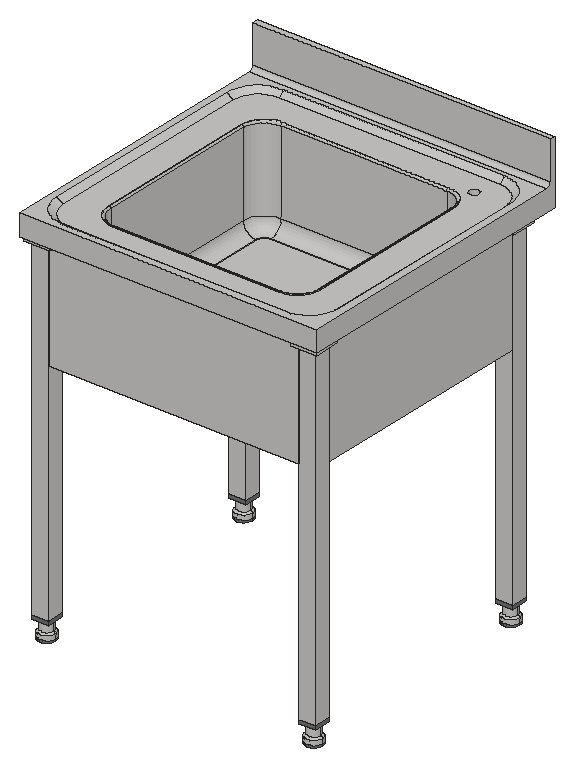
Revit family "QF_ELECTROLUXPROFESSIONAL_132894_SL07N", category Attrezzature speciali, Revit 2020
Family settings
  Quota connettore circolare = Usa diametro
  Tipo di parte = Normale
  Basato su piano di lavoro = No
  Sempre verticale = Sì
  Taglio con vuoti quando caricato = No
  Condiviso = No
  Punto di calcolo locali = No
Parameters (values of type "Standard")
  Weight = 20.00 kg
  Watts = 0 W
  Volts = 0 V
  URL Manufacturer = "https://www.electroluxprofessional.com/"
  URL = "https://www.electroluxprofessional.com/"
  Steam Supply Size = 0 mm
  Steam Supply Minimum Pressure = 0.0 Pa
  Steam Supply Maximum Pressure = 0.0 Pa
  Steam Consumption per Hour = 0
  Refrigeration Suction Line Size = 0.0 mm
  Refrigeration Liquid Line Size = 0.0 mm
  Refrigerant Compressor Remote = yes
  Prospetto di default = 0.0 mm
  Phase = 0
  Modello = "SL07N"
  Produttore = "Electrolux Professional"
  Length Actual = 700.0 mm  # constant formula
  Item Number = "132894"
  Hot Water Size = 0 mm
  Height Actual = 900.0 mm  # constant formula
  HP = "0 HP"
  Gas Size = 0 mm
  Gas KW = 0
  Gas Input Pressure = 0 W
  Direct Waste Size = 139.7 mm
  Descrizione = "SINK UNIT 1 BOWL 700MM"
  Depth Actual = 700.0 mm  # constant formula
  Cycle = 0 Hz
  Condensate Return Size = 0 mm
  Compressed Air Volume = 0.0 L/s
  Compressed Air Size = 0 mm
  Compressed Air Pressure = 0.0 Pa
  Cold Water Size = 0 mm
  Accessory = yes
Reference planes
  plane 1 "Center (Front/Back)": y = 0
  plane 2: z = 0
  plane 3 "Center (Left/Right)": x = 150
  plane 4 "LEFT": x = -200
  plane 5 "RIGHT": x = 500
  plane 6 "BACK": y = 350
  plane 7 "FRONT": y = -350
  plane 8 "Base": z = 850
  plane 9 "TOP": z = 900
  plane 10 "Sink_Base": z = 658
  plane 11 "ScaricoX": x = 320
  plane 12 "ScaricoY": y = 151
  plane 13: z = 441
  plane 14: x = 395
  plane 15: y = 245
Forms (mm)
  Extrusion 1, solid, material "QF_Finishes_Stainless Steel"
    sketch origin (150, 0, 0) x (0, 1, 0) y (0, 0, 1)
      loop
        line (-350, 850) -> (350, 850) -> (350, 1000) -> (337, 1000) -> (337, 910)
        arc (337, 910) -> (334.071, 902.929) -> (327, 900) r 10
        line (327, 900) -> (-350, 900) -> (-350, 850)
    from 350 to -350
  Extrusion 2, void
    sketch origin (0, 0, 900) x (0, 1, 0) y (-1, 0, 0)
      loop
        arc (-214, 100) -> (-252.891, 83.891) -> (-269, 45) r 55
        line (-269, 45) -> (-269, -345)
        arc (-269, -345) -> (-252.874, -383.908) -> (-213.951, -400) r 55
        line (-213.951, -400) -> (176.049, -400)
        arc (176.049, -400) -> (214.908, -383.874) -> (231, -345) r 55
        line (231, -345) -> (231, 45)
        arc (231, 45) -> (214.891, 83.891) -> (176, 100) r 55
        line (176, 100) -> (-214, 100)
    from 0 to -50
  Sweep 3, solid, material "QF_Finishes_Stainless Steel"
    path origin (0, 0, 900) x (0, 1, 0) y (-1, 0, 0)
      loop
        line (176, 100) -> (-214, 100)
        arc (-214, 100) -> (-252.891, 83.891) -> (-269, 45) r 55
        line (-269, 45) -> (-269, -345)
        arc (-269, -345) -> (-252.874, -383.908) -> (-213.951, -400) r 55
        line (-213.951, -400) -> (176.049, -400)
        arc (176.049, -400) -> (214.908, -383.874) -> (231, -345) r 55
        line (231, -345) -> (231, 45)
        arc (231, 45) -> (214.891, 83.891) -> (176, 100) r 55
    profile origin (-100, -19, 900) x (1, 0, 0) y (0, 0, 1)
      loop
        arc (5, -15) -> (3.536, -11.464) -> (0, -10) r 5
        line (0, -10) -> (0, -11.5)
        arc (0, -11.5) -> (2.475, -12.525) -> (3.5, -15) r 3.5
        line (3.5, -15) -> (3.5, -210.5)
        arc (3.5, -210.5) -> (12.726, -232.774) -> (35, -242) r 31.5
        line (35, -242) -> (35, -240.5)
        arc (35, -240.5) -> (13.787, -231.713) -> (5, -210.5) r 30
        line (5, -210.5) -> (5, -15)
  Extrusion 4, solid, material "QF_Finishes_Stainless Steel"
    sketch origin (0, 0, 658) x (0, -1, 0) y (1, 0, 0)
      loop
        arc (-196, -45) -> (-190.142, -59.142) -> (-176, -65) r 20
        line (-176, -65) -> (214, -65)
        arc (214, -65) -> (228.142, -59.142) -> (234, -45) r 20
        line (234, -45) -> (234, 345)
        arc (234, 345) -> (228.132, 359.153) -> (213.97, 365) r 20
        line (213.97, 365) -> (-176.03, 365)
        arc (-176.03, 365) -> (-190.153, 359.132) -> (-196, 345) r 20
        line (-196, 345) -> (-196, -45)
    from 0 to 1.5
  Extrusion 5, void
    sketch origin (0, 0, 658) x (0, -1, 0) y (1, 0, 0)
      loop
        circle (-151, 320) r 28
    from 32.343 to -63.145
  Revolve 6, solid, material "QF_Finishes_White"
    sketch origin (320, 0, 0) x (0, -1, 0) y (0, 0, 1)
      loop
        line (-167.5, 642.617) -> (-167.5, 628.5) -> (-166, 628.5) -> (-166, 643.449) -> (-177.558, 650.671) -> (-177.558, 658) -> (-179.058, 658) -> (-179.058, 649.84) -> (-167.5, 642.617)
      axis (-151, 658) -> (-151, 628.5)
    angle from 0 to 360
  Extrusion 7, void
    sketch origin (0, 0, 658) x (0, -1, 0) y (1, 0, 0)
      loop
        circle (-245, 395) r 11.5
    from 242 to 170.245
  Blend 8, void
    base sketch origin (0, 0, 900) x (0, 1, 0) y (-1, 0, 0)
      loop
        arc (314.887, 109.887) -> (292.92, 162.92) -> (239.887, 184.887) r 75
        line (239.887, 184.887) -> (-259.887, 184.887)
        arc (-259.887, 184.887) -> (-312.92, 162.92) -> (-334.887, 109.887) r 75
        line (-334.887, 109.887) -> (-334.887, -409.887)
        arc (-334.887, -409.887) -> (-312.92, -462.92) -> (-259.887, -484.887) r 75
        line (-259.887, -484.887) -> (239.887, -484.887)
        arc (239.887, -484.887) -> (292.92, -462.92) -> (314.887, -409.887) r 75
        line (314.887, -409.887) -> (314.887, 109.887)
    top sketch origin (0, 0, 900) x (0, 1, 0) y (-1, 0, 0)
      loop
        arc (299.887, 109.887) -> (282.313, 152.313) -> (239.887, 169.887) r 60
        line (239.887, 169.887) -> (-259.887, 169.887)
        arc (-259.887, 169.887) -> (-302.313, 152.313) -> (-319.887, 109.887) r 60
        line (-319.887, 109.887) -> (-319.887, -409.887)
        arc (-319.887, -409.887) -> (-302.313, -452.313) -> (-259.887, -469.887) r 60
        line (-259.887, -469.887) -> (239.887, -469.887)
        arc (239.887, -469.887) -> (282.313, -452.313) -> (299.887, -409.887) r 60
        line (299.887, -409.887) -> (299.887, 109.887)
    from 0 to -10
Cuts and joins
  Extrusion 2, Extrusion 7, Blend 8 cuts Extrusion 1
  Extrusion 5 cuts Extrusion 4
Lines and regions (mm)
  symbolic lines
    curve 1: line (500, 350, 900) -> (-200, 350, 900)
    curve 2: line (-200, 350, 900) -> (-200, -350, 900)
    curve 3: line (-200, -350, 900) -> (500, -350, 900)
    curve 4: line (500, -350, 900) -> (500, 350, 900)
    curve 5: line (500, 337, 900) -> (-200, 337, 900)
    curve 6: arc (-109.887, 314.887, 658) -> (-162.92, 292.92, 658) -> (-184.887, 239.887, 658) r 75
    curve 7: line (-109.887, 314.887, 658) -> (409.887, 314.887, 658)
    curve 8: arc (484.887, 239.887, 658) -> (462.92, 292.92, 658) -> (409.887, 314.887, 658) r 75
    curve 9: line (-184.887, -259.887, 658) -> (-184.887, 239.887, 658)
    curve 10: arc (-184.887, -259.887, 658) -> (-162.92, -312.92, 658) -> (-109.887, -334.887, 658) r 75
    curve 11: line (409.887, -334.887, 658) -> (-109.887, -334.887, 658)
    curve 12: arc (409.887, -334.887, 658) -> (462.92, -312.92, 658) -> (484.887, -259.887, 658) r 75
    curve 13: line (484.887, 239.887, 658) -> (484.887, -259.887, 658)
    curve 14: arc (-45, 231, 658) -> (-83.891, 214.891, 658) -> (-100, 176, 658) r 55
    curve 15: line (-45, 231, 658) -> (345, 231, 658)
    curve 16: line (-100, -214, 658) -> (-100, 176, 658)
    curve 17: arc (-100, -214, 658) -> (-83.891, -252.891, 658) -> (-45, -269, 658) r 55
    curve 18: line (345, -269, 658) -> (-45, -269, 658)
    curve 19: arc (345, -269, 658) -> (383.908, -252.874, 658) -> (400, -213.951, 658) r 55
    curve 20: line (400, 176.049, 658) -> (400, -213.951, 658)
    curve 21: arc (400, 176.049, 658) -> (383.874, 214.908, 658) -> (345, 231, 658) r 55
    curve 22: line (365, 176.03, 658) -> (365, -213.97, 658)
    curve 23: arc (365, 176.03, 658) -> (359.132, 190.153, 658) -> (345, 196, 658) r 20
    curve 24: line (-45, 196, 658) -> (345, 196, 658)
    curve 25: arc (-45, 196, 658) -> (-59.142, 190.142, 658) -> (-65, 176, 658) r 20
    curve 26: line (-65, -214, 658) -> (-65, 176, 658)
    curve 27: arc (-65, -214, 658) -> (-59.142, -228.142, 658) -> (-45, -234, 658) r 20
    curve 28: line (345, -234, 658) -> (-45, -234, 658)
    curve 29: arc (345, -234, 658) -> (359.153, -228.132, 658) -> (365, -213.97, 658) r 20
    curve 30: circle (320, 151, 658) r 15 normal (0, 0, 1)
    curve 31: circle (320, 151, 658) r 26.558 normal (0, 0, -1)
    curve 32: circle (395, 245, 658) r 11.5 normal (0, 0, 1)
    curve 33: arc (-109.887, 299.887, 900) -> (-152.313, 282.313, 900) -> (-169.887, 239.887, 900) r 60
    curve 34: line (409.887, 299.887, 900) -> (-109.887, 299.887, 900)
    curve 35: line (-169.887, 239.887, 900) -> (-169.887, -259.887, 900)
    curve 36: arc (469.887, 239.887, 900) -> (452.313, 282.313, 900) -> (409.887, 299.887, 900) r 60
    curve 37: line (469.887, -259.887, 900) -> (469.887, 239.887, 900)
    curve 38: arc (409.887, -319.887, 900) -> (452.313, -302.313, 900) -> (469.887, -259.887, 900) r 60
    curve 39: line (-109.887, -319.887, 900) -> (409.887, -319.887, 900)
    curve 40: arc (-169.887, -259.887, 900) -> (-152.313, -302.313, 900) -> (-109.887, -319.887, 900) r 60
Dimensions and locks
  plane 4 "LEFT" to plane 5 "RIGHT" = 700.0 mm
  equal spacing: plane 4 "LEFT", plane 3 "Center (Left/Right)", plane 5 "RIGHT"
  locked: plane 8 "Base" to level at 850
  locked: Extrusion 1 to level at 1000
  plane 9 "TOP" to level = 900.0 mm
  plane 6 "BACK" to plane 7 "FRONT" = 700.0 mm
  equal spacing: plane 6 "BACK", plane 1 "Center (Front/Back)", plane 7 "FRONT"
  plane 10 "Sink_Base" to level = 658.0 mm
  locked: plane 6 "BACK" to plane 12 "ScaricoY" at 199
  locked: plane 11 "ScaricoX" to plane 5 "RIGHT" at 180
  plane 13 to level = 441.0 mm
  locked: plane 6 "BACK" to plane 15 at 105
  plane 14 to plane 5 "RIGHT" = 105.0 mm
  aligned and locked: level to plane 2
  aligned and locked: Extrusion 1 to plane 4 "LEFT"
  aligned and locked: plane 5 "RIGHT" to Extrusion 1
  aligned and locked: curve 2 to plane 4 "LEFT"
Automatic sketch dimensions
  Extrusion 1 sketch curve to plane 7 "FRONT" = 0.0 mm
  Extrusion 1 sketch curve to plane 9 "TOP" = 0.0 mm
  Extrusion 1 sketch curve to plane 6 "BACK" = 0.0 mm
  Extrusion 1 sketch curve to plane 8 "Base" = 0.0 mm
  plane 9 "TOP" to Extrusion 1 sketch curve = 10.0 mm
  Extrusion 1 sketch curve to plane 6 "BACK" = 13.0 mm
  Extrusion 1 sketch curve to Extrusion 1 sketch curve = 90.0 mm
  curve 3 to plane 7 "FRONT" = 0.0 mm
  curve 5 to plane 5 "RIGHT" = 0.0 mm
  curve 4 to plane 6 "BACK" = 0.0 mm
  curve 5 to plane 6 "BACK" = 13.0 mm
  Extrusion 2 sketch curve to Extrusion 2 sketch curve = 55.0 mm  (x4)
  Extrusion 2 sketch curve to Extrusion 2 sketch curve = 0.0 mm  (x5)
  Sweep 3 sketch curve to Sweep 3 sketch curve = 55.0 mm  (x3)
  Sweep 3 sketch curve to Sweep 3 sketch curve = 0.049 mm  (x2)
  Sweep 3 sketch curve to Sweep 3 sketch curve = 0.0 mm  (x4)
  profile plane to Sweep 3 sketch curve = 0.0 mm
  Sweep 3 sketch curve to profile plane = 3.5 mm
  Sweep 3 sketch curve to Sweep 3 sketch curve = 1.5 mm
  Sweep 3 sketch curve to Sweep 3 sketch curve = 30.0 mm
  Sweep 3 sketch curve to plane 9 "TOP" = 210.5 mm
  Sweep 3 sketch curve to plane 9 "TOP" = 15.0 mm
  Extrusion 4 sketch curve to Extrusion 4 sketch curve = 19.97 mm
  Extrusion 4 sketch curve to Extrusion 4 sketch curve = 20.0 mm  (x4)
  Extrusion 4 sketch curve to Extrusion 4 sketch curve = 0.03 mm  (x2)
  Extrusion 4 sketch curve to Extrusion 4 sketch curve = 0.0 mm  (x2)
  Extrusion 5 sketch curve to plane 11 "ScaricoX" = 0.0 mm
  Extrusion 5 sketch curve to plane 12 "ScaricoY" = 0.0 mm
  Revolve 6 sketch curve to plane 12 "ScaricoY" = 0.0 mm
  plane 12 "ScaricoY" to Revolve 6 sketch curve = 15.0 mm
  Revolve 6 sketch curve to Revolve 6 sketch curve = 1.5 mm  (x2)
  plane 10 "Sink_Base" to Revolve 6 sketch curve = 7.329 mm
  Revolve 6 sketch curve to Revolve 6 sketch curve = 10.058 mm
  plane 10 "Sink_Base" to Revolve 6 sketch curve = 8.16 mm
  Revolve 6 sketch curve to Revolve 6 sketch curve = 7.222 mm
  Revolve 6 sketch curve to Revolve 6 sketch curve = 0.831 mm
  Revolve 6 sketch curve to Revolve 6 sketch curve = 14.117 mm
  Revolve 6 sketch curve to Revolve 6 sketch curve = 24.0 mm
  Revolve 6 sketch curve to plane 10 "Sink_Base" = 0.0 mm
  Revolve 6 sketch curve to plane 10 "Sink_Base" = 26.5 mm
  Extrusion 7 sketch curve to plane 14 = 0.0 mm
  Extrusion 7 sketch curve to plane 15 = 0.0 mm
  curve 14 to curve 25 = 0.0 mm  (x3)
  curve 17 to curve 27 = 0.0 mm  (x3)
  curve 19 to curve 29 = 0.0 mm  (x3)
  curve 21 to curve 23 = 0.0 mm  (x2)
  curve 30 to curve 31 = 0.0 mm  (x2)
  curve 32 to plane 14 = 0.0 mm
  curve 32 to plane 15 = 0.0 mm
  curve 31 to plane 11 "ScaricoX" = 0.0 mm
  curve 31 to plane 12 "ScaricoY" = 0.0 mm
  plane 14 to curve 7 = 14.887 mm
  curve 7 to plane 6 "BACK" = 35.113 mm
  curve 8 to plane 15 = 5.113 mm
  curve 6 to plane 15 = 5.113 mm
  curve 15 to plane 15 = 14.0 mm
  curve 14 to curve 24 = 35.0 mm
  plane 14 to curve 20 = 5.0 mm
  plane 12 "ScaricoY" to curve 20 = 25.049 mm
  plane 12 "ScaricoY" to curve 22 = 25.03 mm
  curve 24 to curve 14 = 20.0 mm
  curve 22 to curve 21 = 0.03 mm
  curve 22 to plane 14 = 30.0 mm
  curve 20 to curve 22 = 0.019 mm
  curve 29 to curve 29 = 0.03 mm
  curve 17 to curve 10 = 45.887 mm
  plane 14 to curve 11 = 14.887 mm
  curve 23 to curve 22 = 20.0 mm
  curve 21 to plane 11 "ScaricoX" = 25.0 mm
  curve 15 to curve 21 = 0.0 mm
  curve 23 to curve 21 = 0.0 mm
  curve 24 to curve 23 = 0.0 mm
  plane 4 "LEFT" to Extrusion 2 sketch curve = 155.0 mm  (x2)
  plane 4 "LEFT" to Sweep 3 sketch curve = 155.0 mm
  plane 4 "LEFT" to Extrusion 4 sketch curve = 155.0 mm
  plane 4 "LEFT" to curve 27 = 155.0 mm
  curve 6 to curve 14 = 9.887 mm
  plane 14 to Extrusion 2 sketch curve = 5.0 mm
  Extrusion 2 sketch curve to Extrusion 2 sketch curve = 0.049 mm
  Sweep 3 sketch curve to plane 11 "ScaricoX" = 25.0 mm
  Extrusion 4 sketch curve to plane 11 "ScaricoX" = 25.0 mm
  plane 12 "ScaricoY" to Extrusion 2 sketch curve = 25.0 mm  (x2)
  plane 12 "ScaricoY" to Sweep 3 sketch curve = 25.0 mm  (x2)
  Sweep 3 sketch curve to plane 15 = 14.0 mm
  plane 12 "ScaricoY" to Extrusion 4 sketch curve = 25.0 mm
  plane 7 "FRONT" to Extrusion 2 sketch curve = 136.049 mm
  plane 7 "FRONT" to Sweep 3 sketch curve = 136.049 mm
  plane 7 "FRONT" to Extrusion 4 sketch curve = 136.03 mm
  plane 7 "FRONT" to curve 20 = 136.049 mm
  curve 16 to curve 27 = 20.0 mm
  plane 7 "FRONT" to curve 13 = 90.113 mm
  Blend 8 sketch curve to plane 15 = 5.113 mm  (x4)
  Blend 8 sketch curve to plane 6 "BACK" = 35.113 mm
  plane 4 "LEFT" to Blend 8 sketch curve = 90.113 mm  (x2)
  plane 14 to Blend 8 sketch curve = 14.887 mm  (x3)
  plane 7 "FRONT" to Blend 8 sketch curve = 90.113 mm
  Blend 8 sketch curve to Blend 8 sketch curve = 75.0 mm
  plane 7 "FRONT" to Blend 8 sketch curve = 30.113 mm
  Blend 8 sketch curve to plane 5 "RIGHT" = 30.113 mm
  Blend 8 sketch curve to Blend 8 sketch curve = 60.0 mm  (x2)
  curve 33 to plane 15 = 5.113 mm
  curve 34 to plane 6 "BACK" = 50.113 mm
  plane 4 "LEFT" to curve 33 = 90.113 mm
  plane 14 to curve 34 = 14.887 mm
  plane 7 "FRONT" to curve 35 = 90.113 mm
  curve 36 to plane 15 = 5.113 mm
  plane 14 to curve 38 = 14.887 mm
  curve 39 to curve 35 = 60.0 mm
  radius of Extrusion 5 sketch curve = 28.0 mm
  radius of Extrusion 7 sketch curve = 11.5 mm
  radius of curve 30 = 15.0 mm
  radius of curve 31 = 26.558 mm
  radius of curve 32 = 11.5 mm
Nested families
  nested 1: "TAV_W700_CASS" at (0, 0, 0), type "TAV_W700_CASS"
Connectors
  piping at (320, 151, 628.5), diameter 139.7, driven by "Direct Waste Size"
    settings: on Revolve 6, index 1, connector inside diameter 609.6 mm, connector length 0.0 mm, flow factor 0, pipe flow 0.0 L/s, pressure drop 0.0 Pa, fitting loss kfactor 0, connector angle 0.00°, fixture units 0, engagement length 0.0 mm, angle of deflection 0.00°, flow configuration 1, flow direction 2, fitting loss method 0, system type 16, joint type 0, gender type 0, connector reference index -1, connector utility 0, adjustable connector no, is connector primary yes, connector description "Drain"
Definition of nested family "TAV_W700_CASS"
  Parameters
    Default Elevation = 0.0 mm
    Model = "TAV_W700_CASS"
    Manufacturer = "Electrolux Professional"
    Description = ""
  Reference planes
    plane 1 "Center (Front/Back)": y = 0
    plane 2: z = 0
    plane 3 "Center (Left/Right)": x = 150
    plane 4 "LEFT": x = -200
    plane 5 "RIGHT": x = 500
    plane 6 "BACK": y = 350
    plane 7 "FRONT": y = -350
    plane 8 "Base": z = 850
    plane 9 "TOP": z = 900
    plane 10: x = -164.5
    plane 11: x = 464.5
    plane 12: y = 265.5
    plane 13: y = -314.5
    plane 14: x = -144.5
    plane 15: x = 444.5
    plane 16 "RIPIANO": z = 200
  Forms (mm)
    Extrusion 1, solid
      sketch origin (0, 0.5, 850) x (0, 1, 0) y (-1, 0, 0)
        loop
          line (245, 184.5) -> (-295, 184.5) -> (-295, 183) -> (245, 183) -> (245, 184.5)
        loop
          line (-295, -484.5) -> (285, -484.5) -> (285, -483) -> (-295, -483) -> (-295, -484.5)
        loop
          line (-335, 144.5) -> (-335, -444.5) -> (-333.5, -444.5) -> (-333.5, 144.5) -> (-335, 144.5)
      from -10 to -260
    Extrusion 2, solid
      sketch origin (-4.534, 0, 850) x (0, 1, 0) y (-1, 0, 0)
        loop
          line (235.5, 179.966) -> (-284.5, 179.966) -> (-284.5, 139.966) -> (235.5, 139.966) -> (235.5, 179.966)
        loop
          line (-334.506, 129.966) -> (-334.506, -439.034) -> (-294.506, -439.034) -> (-294.506, 129.966) -> (-334.506, 129.966)
        loop
          line (-284.5, -489.034) -> (235.5, -489.034) -> (235.5, -449.034) -> (-284.5, -449.034) -> (-284.5, -489.034)
        loop
          line (285.5, 129.966) -> (245.5, 129.966) -> (245.5, -439.034) -> (285.5, -439.034) -> (285.5, 129.966)
      from 0 to -10
  Lines and regions (mm)
    symbolic lines, detail levels coarse
      curve 1: line (-200, 350, 200) -> (500, 350, 200)
      curve 2: line (-200, -350, 200) -> (-200, 350, 200)
      curve 3: line (500, -350, 200) -> (-200, -350, 200)
      curve 4: line (500, 350, 200) -> (500, -350, 200)
  Dimensions and locks
    plane 4 "LEFT" to plane 5 "RIGHT" = 700.0 mm
    equal spacing: plane 4 "LEFT", plane 3 "Center (Left/Right)", plane 5 "RIGHT"
    locked: plane 8 "Base" to level at 850
    plane 4 "LEFT" to plane 10 = 35.5 mm
    plane 11 to plane 5 "RIGHT" = 35.5 mm
    plane 10 to plane 11 = 629.0 mm
    plane 9 "TOP" to level = 900.0 mm
    plane 6 "BACK" to plane 12 = 84.5 mm
    plane 13 to plane 7 "FRONT" = 35.5 mm
    plane 6 "BACK" to plane 7 "FRONT" = 700.0 mm
    plane 12 to plane 13 = 580.0 mm
    equal spacing: plane 6 "BACK", plane 1 "Center (Front/Back)", plane 7 "FRONT"
    locked: plane 14 to plane 4 "LEFT" at 55.5
    locked: plane 5 "RIGHT" to plane 15 at 55.5
    plane 16 "RIPIANO" to level = 200.0 mm
    plane 2 to plane 16 "RIPIANO" to plane 8 "Base" = 200.0 mm, 650.0 mm
    aligned and locked: level to plane 2
    aligned and locked: plane 10 to nested 1
    aligned and locked: nested 1 to plane 13
    aligned and locked: plane 11 to nested 2
    aligned and locked: nested 2 to plane 13
    aligned and locked: plane 11 to nested 4
    aligned and locked: nested 4 to plane 12
    aligned and locked: plane 10 to nested 3
    aligned and locked: nested 3 to plane 12
    aligned and locked: plane 14 to Extrusion 1 sketch curve
    aligned and locked: Extrusion 1 sketch curve to plane 15
    aligned and locked: Extrusion 1 to Extrusion 2
  Automatic sketch dimensions
    plane 7 "FRONT" to Extrusion 1 sketch curve = 15.5 mm
    plane 13 to Extrusion 1 sketch curve = 20.0 mm  (x2)
    plane 4 "LEFT" to Extrusion 1 sketch curve = 15.5 mm
    Extrusion 1 sketch curve to plane 5 "RIGHT" = 15.5 mm
    Extrusion 1 sketch curve to Extrusion 1 sketch curve = 1.5 mm  (x3)
    Extrusion 1 sketch curve to plane 6 "BACK" = 104.5 mm
    Extrusion 1 sketch curve to plane 6 "BACK" = 64.5 mm
    plane 15 to Extrusion 2 sketch curve = 10.0 mm  (x2)
    plane 7 "FRONT" to Extrusion 2 sketch curve = 15.494 mm
    plane 13 to Extrusion 2 sketch curve = 19.994 mm
    Extrusion 2 sketch curve to plane 5 "RIGHT" = 15.5 mm
    plane 13 to Extrusion 2 sketch curve = 30.0 mm  (x2)
    Extrusion 2 sketch curve to plane 14 = 0.0 mm
    Extrusion 2 sketch curve to plane 12 = 30.0 mm  (x2)
    Extrusion 2 sketch curve to plane 12 = 20.0 mm
    plane 12 to Extrusion 2 sketch curve = 20.0 mm
    Extrusion 2 sketch curve to plane 15 = 0.0 mm
    Extrusion 2 sketch curve to plane 14 = 10.0 mm  (x2)
    Extrusion 2 sketch curve to plane 10 = 20.0 mm
    curve 3 to plane 4 "LEFT" = 0.0 mm
    curve 3 to plane 7 "FRONT" = 0.0 mm
    curve 2 to plane 6 "BACK" = 0.0 mm
    curve 1 to plane 5 "RIGHT" = 0.0 mm
  Nested families
    nested 1: "FEET_40x40_TAV" at (-164.5, -314.5, 0), type "FEET_40x40_TAV"
    nested 2: "FEET_40x40_TAV" at (464.5, -314.5, 0), type "FEET_40x40_TAV"
    nested 3: "FEET_40x40_TAV" at (-164.5, 265.5, 0), type "FEET_40x40_TAV"
    nested 4: "FEET_40x40_TAV" at (464.5, 265.5, 0), type "FEET_40x40_TAV"
  Definition of nested family "FEET_40x40_TAV"
    Parameters
      Default Elevation = 0.0 mm
      FEET = 850.0 mm
    Reference planes
      plane 1 "Center (Front/Back)": y = 0
      plane 2: z = 0
      plane 3 "Center (Left/Right)": x = 0
      plane 4: z = 850
    Forms (mm)
      Extrusion 1, solid
        sketch origin (0, 0, 0) x (1, 0, 0) y (0, 1, 0)
          loop
            line (-20, -20) -> (20, -20) -> (20, 20) -> (-20, 20) -> (-20, -20)
        from 50 to 840
      Extrusion 2, solid
        sketch origin (0, 0, 0) x (1, 0, 0) y (0, 1, 0)
          loop
            circle (0, 0) r 20
        from 0 to 5
      Extrusion 3, solid
        sketch origin (0, 0, 0) x (1, 0, 0) y (0, 1, 0)
          loop
            line (30, 30) -> (-30, 30) -> (-30, -30) -> (30, -30) -> (30, 30)
        from 840 to 850
      Extrusion 4, solid
        sketch origin (0, 0, 0) x (1, 0, 0) y (0, 1, 0)
          loop
            line (-20, -20) -> (20, -20) -> (20, 20) -> (-20, 20) -> (-20, -20)
        from 50 to 42
      Revolve 5, solid
        sketch origin (0, 0, 0) x (1, 0, 0) y (0, 0, 1)
          loop
            line (0, 42) -> (-15, 42) -> (-15, 20) -> (-20, 15) -> (-20, 5) -> (0, 5) -> (0, 42)
          axis (0, 42) -> (0, 5)
        angle from 0 to 360
    Lines and regions (mm)
      symbolic lines
        curve 1: line (0, -1.503, 0) -> (0, 1.508, 0)
        curve 2: line (1.561, 0, 0) -> (-1.439, 0, 0)
    Dimensions and locks
      "FEET": plane 4 to plane 2
      aligned and locked: level to plane 2
    Automatic sketch dimensions
      plane 1 "Center (Front/Back)" to curve 2 = 0.0 mm
      curve 1 to plane 3 "Center (Left/Right)" = 0.0 mm
      curve 2 to plane 3 "Center (Left/Right)" = 1.439 mm
      plane 3 "Center (Left/Right)" to curve 2 = 1.561 mm
      plane 1 "Center (Front/Back)" to curve 1 = 1.503 mm
      curve 1 to plane 1 "Center (Front/Back)" = 1.508 mm
      Extrusion 1 sketch curve to plane 3 "Center (Left/Right)" = 20.0 mm
      plane 3 "Center (Left/Right)" to Extrusion 1 sketch curve = 20.0 mm
      plane 1 "Center (Front/Back)" to Extrusion 1 sketch curve = 20.0 mm
      Extrusion 1 sketch curve to plane 1 "Center (Front/Back)" = 20.0 mm
      plane 1 "Center (Front/Back)" to Extrusion 2 sketch curve = 0.0 mm
      Extrusion 2 sketch curve to plane 3 "Center (Left/Right)" = 0.0 mm
      Extrusion 3 sketch curve to plane 3 "Center (Left/Right)" = 30.0 mm
      plane 3 "Center (Left/Right)" to Extrusion 3 sketch curve = 30.0 mm
      plane 1 "Center (Front/Back)" to Extrusion 3 sketch curve = 30.0 mm
      Extrusion 3 sketch curve to plane 1 "Center (Front/Back)" = 30.0 mm
      Extrusion 4 sketch curve to plane 3 "Center (Left/Right)" = 20.0 mm
      plane 3 "Center (Left/Right)" to Extrusion 4 sketch curve = 20.0 mm
      plane 1 "Center (Front/Back)" to Extrusion 4 sketch curve = 20.0 mm
      Extrusion 4 sketch curve to plane 1 "Center (Front/Back)" = 20.0 mm
      Revolve 5 sketch curve to plane 3 "Center (Left/Right)" = 0.0 mm  (x2)
      Revolve 5 sketch curve to plane 3 "Center (Left/Right)" = 15.0 mm
      Revolve 5 sketch curve to Revolve 5 sketch curve = 5.0 mm  (x3)
      level to Revolve 5 sketch curve = 5.0 mm
      Revolve 5 sketch curve to Revolve 5 sketch curve = 10.0 mm
      Revolve 5 sketch curve to Revolve 5 sketch curve = 22.0 mm
      Revolve 5 sketch curve to level = 9.561 mm
      radius of Extrusion 2 sketch curve = 20.0 mm
